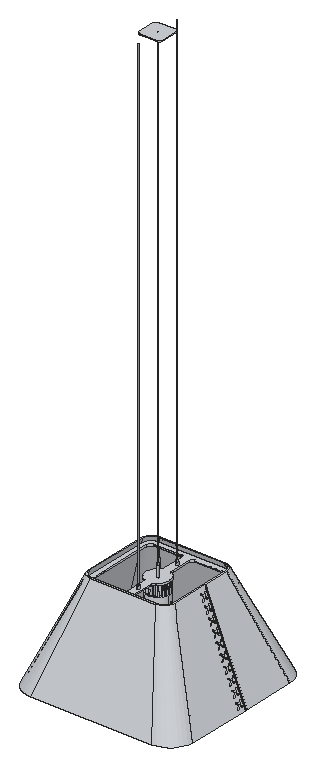
Revit family "BuzziSpace - BuzziShade - Square2", category Lighting Fixtures, host Ceiling, Revit 2019 (continued)
Definition of nested family "BuzziShade Square"
  Forms (in)
    Extrusion 1, solid, material <- "Lace", visible <- "Beam"
      sketch origin (-14.79872, 0, 0) x (0, -1, 0) y (0.379687, 0, 0.925115)
        loop
          line (0.43278, 14.41339) -> (-0.01265, 13.96797) -> (-0.45807, 14.41339)
          arc (-0.45807, 14.41339) -> (-0.54158, 14.41339) -> (-0.54158, 14.32987) r 0.05906
          line (-0.54158, 14.32987) -> (-0.09616, 13.88445) -> (-0.54158, 13.43903)
        loop
          arc (-0.54158, 15.25005) -> (-0.54158, 15.16654) -> (-0.45807, 15.16654) r 0.05906
          line (-0.45807, 15.16654) -> (-0.01265, 15.61196) -> (0.43278, 15.16654)
          arc (0.43278, 15.16654) -> (0.51629, 15.16654) -> (0.51629, 15.25005) r 0.05906
          line (0.51629, 15.25005) -> (0.07087, 15.69548) -> (0.51629, 16.1409)
          arc (0.51629, 16.1409) -> (0.51629, 16.22441) -> (0.43278, 16.22441) r 0.05906
          line (0.43278, 16.22441) -> (-0.01265, 15.77899) -> (-0.45807, 16.22441)
          arc (-0.45807, 16.22441) -> (-0.54158, 16.22441) -> (-0.54158, 16.1409) r 0.05906
          line (-0.54158, 16.1409) -> (-0.09616, 15.69548) -> (-0.54158, 15.25005)
        loop
          arc (-0.54158, 17.06108) -> (-0.54158, 16.97756) -> (-0.45807, 16.97756) r 0.05906
          line (-0.45807, 16.97756) -> (-0.01265, 17.42298) -> (0.43278, 16.97756)
          arc (0.43278, 16.97756) -> (0.51629, 16.97756) -> (0.51629, 17.06108) r 0.05906
          line (0.51629, 17.06108) -> (0.07087, 17.5065) -> (0.51629, 17.95192)
          arc (0.51629, 17.95192) -> (0.51629, 18.03544) -> (0.43278, 18.03544) r 0.05906
          line (0.43278, 18.03544) -> (-0.01265, 17.59002) -> (-0.45807, 18.03544)
          arc (-0.45807, 18.03544) -> (-0.54158, 18.03544) -> (-0.54158, 17.95192) r 0.05906
          line (-0.54158, 17.95192) -> (-0.09616, 17.5065) -> (-0.54158, 17.06108)
      from 0 to 0.125
    Blend 2, solid, material <- "Felt"
      base sketch origin (0, 0, 0) x (-1, 0, 0) y (0, -1, 0)
        loop
          line (14.79872, -10.73976) -> (14.79872, 10.73976)
          arc (14.79872, 10.73976) -> (13.62715, 13.56819) -> (10.79872, 14.73976) r 4
          line (10.79872, 14.73976) -> (0.0625, 14.73976) -> (0.0625, 14.48976) -> (10.79872, 14.48976)
          arc (10.79872, 14.48976) -> (13.45037, 13.39141) -> (14.54872, 10.73976) r 3.75
          line (14.54872, 10.73976) -> (14.54872, -10.73976)
          arc (14.54872, -10.73976) -> (13.45037, -13.39141) -> (10.79872, -14.48976) r 3.75
          line (10.79872, -14.48976) -> (0.0625, -14.48976) -> (0.0625, -14.73976) -> (10.79872, -14.73976)
          arc (10.79872, -14.73976) -> (13.62715, -13.56819) -> (14.79872, -10.73976) r 4
      top sketch origin (0, 0, 0) x (-1, 0, 0) y (0, -1, 0)
        loop
          line (7.65305, -5.74325) -> (7.65305, 5.74325)
          arc (7.65305, 5.74325) -> (7.10622, 7.06343) -> (5.78604, 7.61026) r 1.86701
          line (5.78604, 7.61026) -> (0.0625, 7.61026) -> (0.0625, 7.36026) -> (5.78604, 7.36026)
          arc (5.78604, 7.36026) -> (6.92944, 6.88665) -> (7.40305, 5.74325) r 1.61701
          line (7.40305, 5.74325) -> (7.40305, -5.74325)
          arc (7.40305, -5.74325) -> (6.92944, -6.88665) -> (5.78604, -7.36026) r 1.61701
          line (5.78604, -7.36026) -> (0.0625, -7.36026) -> (0.0625, -7.61026) -> (5.78604, -7.61026)
          arc (5.78604, -7.61026) -> (7.10622, -7.06343) -> (7.65305, -5.74325) r 1.86701
      from 0 to 17.41056
    Extrusion 3, solid, material <- "Frame"
      sketch origin (34.18353, -180, 16.53556) x (1, 0, 0) y (0, 1, 0)
        loop
          line (-34.83658, 182.43789) -> (-34.83658, 186.15357)
          arc (-34.83658, 186.15357) -> (-35.00695, 186.56489) -> (-35.41827, 186.73526) r 0.58169
          line (-35.41827, 186.73526) -> (-40.04918, 186.73526)
          arc (-40.04918, 186.73526) -> (-40.69434, 186.46803) -> (-40.96158, 185.82286) r 0.9124
          line (-40.96158, 185.82286) -> (-40.96158, 174.17714)
          arc (-40.96158, 174.17714) -> (-40.69434, 173.53197) -> (-40.04918, 173.26474) r 0.9124
          line (-40.04918, 173.26474) -> (-35.52069, 173.26474)
          arc (-35.52069, 173.26474) -> (-35.03695, 173.46511) -> (-34.83658, 173.94884) r 0.68411
          line (-34.83658, 173.94884) -> (-34.83658, 177.56211)
          arc (-34.83658, 177.56211) -> (-34.94207, 177.95581) -> (-35.23028, 178.24402) r 0.7874
          arc (-35.23028, 178.24402) -> (-36.2441, 180) -> (-35.23028, 181.75598) r 2.02763
          arc (-35.23028, 181.75598) -> (-34.94207, 182.04419) -> (-34.83658, 182.43789) r 0.7874
        loop
          line (-41.83658, 185.82286) -> (-41.83658, 174.17714)
          arc (-41.83658, 174.17714) -> (-41.31306, 172.91326) -> (-40.04918, 172.38974) r 1.7874
          line (-40.04918, 172.38974) -> (-34.24603, 172.38974) -> (-34.24603, 187.61026) -> (-40.04918, 187.61026)
          arc (-40.04918, 187.61026) -> (-41.31306, 187.08674) -> (-41.83658, 185.82286) r 1.7874
      from 0 to -0.25
    Extrusion 4, solid, material <- "Frame"
      sketch origin (0, 0, 0) x (-1, 0, 0) y (0, -1, 0)
        loop
          line (0.0625, 13.48976) -> (10.79872, 13.48976)
          arc (10.79872, 13.48976) -> (12.74326, 12.68431) -> (13.54872, 10.73976) r 2.75
          line (13.54872, 10.73976) -> (13.54872, -10.73976)
          arc (13.54872, -10.73976) -> (12.74326, -12.68431) -> (10.79872, -13.48976) r 2.75
          line (10.79872, -13.48976) -> (0.0625, -13.48976) -> (0.0625, -14.36476) -> (10.79872, -14.36476)
          arc (10.79872, -14.36476) -> (13.36198, -13.30302) -> (14.42372, -10.73976) r 3.625
          line (14.42372, -10.73976) -> (14.42372, 10.73976)
          arc (14.42372, 10.73976) -> (13.36198, 13.30302) -> (10.79872, 14.36476) r 3.625
          line (10.79872, 14.36476) -> (0.0625, 14.36476) -> (0.0625, 13.48976)
      from 0 to 0.25
    Extrusion 5, solid, material <- "Felt"
      sketch origin (0, 0, 0) x (0, 1, 0) y (0, 0, 1)
        loop
          line (7.36026, 17.41056) -> (14.48976, 0) -> (14.73976, 0) -> (7.61026, 17.41056) -> (7.36026, 17.41056)
        loop
          line (-7.36026, 17.41056) -> (-7.61026, 17.41056) -> (-14.73976, 0) -> (-14.48976, 0) -> (-7.36026, 17.41056)
      from -0.0625 to 0.0625
    Extrusion 6, solid, material <- "Frame"
      sketch origin (0, 0, 0) x (0, 1, 0) y (0, 0, 1)
        loop
          line (7.61026, 16.53556) -> (-7.61026, 16.53556) -> (-7.61026, 16.28556) -> (7.61026, 16.28556) -> (7.61026, 16.53556)
        loop
          line (14.36476, 0.25) -> (13.48976, 0.25) -> (13.48976, 0) -> (14.36476, 0) -> (14.36476, 0.25)
        loop
          line (-13.48976, 0.25) -> (-14.36476, 0.25) -> (-14.36476, 0) -> (-13.48976, 0) -> (-13.48976, 0.25)
      from -0.0625 to 0.0625
    Extrusion 7, void
      sketch origin (0, 0, 0) x (1, 0, 0) y (0, 1, 0)
        loop
          arc (-13.57776, 6.73526) -> (-13.98907, 6.56489) -> (-14.15945, 6.15357) r 0.58169
          line (-14.15945, 6.15357) -> (-14.15945, 2.43789)
          arc (-14.15945, 2.43789) -> (-14.05396, 2.04419) -> (-13.76575, 1.75598) r 0.7874
          arc (-13.76575, 1.75598) -> (-12.75193, 0) -> (-13.76575, -1.75598) r 2.02763
          arc (-13.76575, -1.75598) -> (-14.05396, -2.04419) -> (-14.15945, -2.43789) r 0.7874
          line (-14.15945, -2.43789) -> (-14.15945, -6.05116)
          arc (-14.15945, -6.05116) -> (-13.95908, -6.53489) -> (-13.47534, -6.73526) r 0.68411
          line (-13.47534, -6.73526) -> (-1.27466, -6.73526)
          arc (-1.27466, -6.73526) -> (-0.79092, -6.53489) -> (-0.59055, -6.05116) r 0.68411
          line (-0.59055, -6.05116) -> (-0.59055, -2.43789)
          arc (-0.59055, -2.43789) -> (-0.69604, -2.04419) -> (-0.98425, -1.75598) r 0.7874
          arc (-0.98425, -1.75598) -> (-1.99807, 0) -> (-0.98425, 1.75598) r 2.02763
          arc (-0.98425, 1.75598) -> (-0.69604, 2.04419) -> (-0.59055, 2.43789) r 0.7874
          line (-0.59055, 2.43789) -> (-0.59055, 6.15357)
          arc (-0.59055, 6.15357) -> (-0.76093, 6.56489) -> (-1.17224, 6.73526) r 0.58169
          line (-1.17224, 6.73526) -> (-13.57776, 6.73526)
        loop
          arc (13.47534, -6.73526) -> (13.95908, -6.53489) -> (14.15945, -6.05116) r 0.68411
          line (14.15945, -6.05116) -> (14.15945, -2.43789)
          arc (14.15945, -2.43789) -> (14.05396, -2.04419) -> (13.76575, -1.75598) r 0.7874
          arc (13.76575, -1.75598) -> (12.75193, 0) -> (13.76575, 1.75598) r 2.02763
          arc (13.76575, 1.75598) -> (14.05396, 2.04419) -> (14.15945, 2.43789) r 0.7874
          line (14.15945, 2.43789) -> (14.15945, 6.15357)
          arc (14.15945, 6.15357) -> (13.98907, 6.56489) -> (13.57776, 6.73526) r 0.58169
          line (13.57776, 6.73526) -> (1.17224, 6.73526)
          arc (1.17224, 6.73526) -> (0.76093, 6.56489) -> (0.59055, 6.15357) r 0.58169
          line (0.59055, 6.15357) -> (0.59055, 2.43789)
          arc (0.59055, 2.43789) -> (0.69604, 2.04419) -> (0.98425, 1.75598) r 0.7874
          arc (0.98425, 1.75598) -> (1.99807, 0) -> (0.98425, -1.75598) r 2.02763
          arc (0.98425, -1.75598) -> (0.69604, -2.04419) -> (0.59055, -2.43789) r 0.7874
          line (0.59055, -2.43789) -> (0.59055, -6.05116)
          arc (0.59055, -6.05116) -> (0.79092, -6.53489) -> (1.27466, -6.73526) r 0.68411
          line (1.27466, -6.73526) -> (13.47534, -6.73526)
      from 18.03556 to 16.03556
    Extrusion 8, void
      sketch origin (-32.02609, -180, 12.22763) x (-0.925115, 0, 0.379687) y (0, -1, 0)
        loop
          line (-6.92779, -180.86327) -> (-6.99234, -180.86327) -> (-6.99234, -180.92696)
          arc (-6.99234, -180.92696) -> (-6.99436, -180.9703) -> (-7.00039, -181.01326) r 0.46698
          arc (-7.00039, -181.01326) -> (-7.01861, -181.03979) -> (-7.0505, -181.04418) r 0.03983
          line (-7.0505, -181.04418) -> (-7.08745, -181.03359) -> (-7.03035, -181.09272)
          arc (-7.03035, -181.09272) -> (-7.0022, -181.13606) -> (-6.99234, -181.18679) r 0.13542
          line (-6.99234, -181.18679) -> (-6.99234, -181.27062) -> (-6.92779, -181.27062) -> (-6.92779, -180.86327)
      from -11.42768 to 9.37766
    Extrusion 9, solid, material <- "Lace"
      sketch origin (14.79872, 0, 0) x (0, 1, 0) y (-0.379687, 0, 0.925115)
        loop
          line (0.54158, 0.76187) -> (0.09616, 1.20729) -> (0.54158, 1.65271)
          arc (0.54158, 1.65271) -> (0.54158, 1.73623) -> (0.45807, 1.73623) r 0.05906
          line (0.45807, 1.73623) -> (0.01265, 1.2908) -> (-0.43278, 1.73623)
          arc (-0.43278, 1.73623) -> (-0.51629, 1.73623) -> (-0.51629, 1.65271) r 0.05906
          line (-0.51629, 1.65271) -> (-0.07087, 1.20729) -> (-0.51629, 0.76187)
          arc (-0.51629, 0.76187) -> (-0.51629, 0.67835) -> (-0.43278, 0.67835) r 0.05906
          line (-0.43278, 0.67835) -> (0.01265, 1.12377) -> (0.45807, 0.67835)
          arc (0.45807, 0.67835) -> (0.54158, 0.67835) -> (0.54158, 0.76187) r 0.05906
        loop
          line (0.54158, 2.57289) -> (0.09616, 3.01831) -> (0.54158, 3.46373)
          arc (0.54158, 3.46373) -> (0.54158, 3.54725) -> (0.45807, 3.54725) r 0.05906
          line (0.45807, 3.54725) -> (0.01265, 3.10183) -> (-0.43278, 3.54725)
          arc (-0.43278, 3.54725) -> (-0.51629, 3.54725) -> (-0.51629, 3.46373) r 0.05906
          line (-0.51629, 3.46373) -> (-0.07087, 3.01831) -> (-0.51629, 2.57289)
          arc (-0.51629, 2.57289) -> (-0.51629, 2.48937) -> (-0.43278, 2.48937) r 0.05906
          line (-0.43278, 2.48937) -> (0.01265, 2.93479) -> (0.45807, 2.48937)
          arc (0.45807, 2.48937) -> (0.54158, 2.48937) -> (0.54158, 2.57289) r 0.05906
        loop
          line (0.54158, 4.38391) -> (0.09616, 4.82933) -> (0.54158, 5.27476)
          arc (0.54158, 5.27476) -> (0.54158, 5.35827) -> (0.45807, 5.35827) r 0.05906
          line (0.45807, 5.35827) -> (0.01265, 4.91285) -> (-0.43278, 5.35827)
          arc (-0.43278, 5.35827) -> (-0.51629, 5.35827) -> (-0.51629, 5.27476) r 0.05906
          line (-0.51629, 5.27476) -> (-0.07087, 4.82933) -> (-0.51629, 4.38391)
          arc (-0.51629, 4.38391) -> (-0.51629, 4.3004) -> (-0.43278, 4.3004) r 0.05906
          line (-0.43278, 4.3004) -> (0.01265, 4.74582) -> (0.45807, 4.3004)
          arc (0.45807, 4.3004) -> (0.54158, 4.3004) -> (0.54158, 4.38391) r 0.05906
        loop
          line (0.54158, 6.19494) -> (0.09616, 6.64036) -> (0.54158, 7.08578)
          arc (0.54158, 7.08578) -> (0.54158, 7.1693) -> (0.45807, 7.1693) r 0.05906
          line (0.45807, 7.1693) -> (0.01265, 6.72387) -> (-0.43278, 7.1693)
          arc (-0.43278, 7.1693) -> (-0.51629, 7.1693) -> (-0.51629, 7.08578) r 0.05906
          line (-0.51629, 7.08578) -> (-0.07087, 6.64036) -> (-0.51629, 6.19494)
          arc (-0.51629, 6.19494) -> (-0.51629, 6.11142) -> (-0.43278, 6.11142) r 0.05906
          line (-0.43278, 6.11142) -> (0.01265, 6.55684) -> (0.45807, 6.11142)
          arc (0.45807, 6.11142) -> (0.54158, 6.11142) -> (0.54158, 6.19494) r 0.05906
        loop
          line (0.54158, 8.00596) -> (0.09616, 8.45138) -> (0.54158, 8.8968)
          arc (0.54158, 8.8968) -> (0.54158, 8.98032) -> (0.45807, 8.98032) r 0.05906
          line (0.45807, 8.98032) -> (0.01265, 8.5349) -> (-0.43278, 8.98032)
          arc (-0.43278, 8.98032) -> (-0.51629, 8.98032) -> (-0.51629, 8.8968) r 0.05906
          line (-0.51629, 8.8968) -> (-0.07087, 8.45138) -> (-0.51629, 8.00596)
          arc (-0.51629, 8.00596) -> (-0.51629, 7.92244) -> (-0.43278, 7.92244) r 0.05906
          line (-0.43278, 7.92244) -> (0.01265, 8.36787) -> (0.45807, 7.92244)
          arc (0.45807, 7.92244) -> (0.54158, 7.92244) -> (0.54158, 8.00596) r 0.05906
        loop
          line (0.54158, 9.81698) -> (0.09616, 10.26241) -> (0.54158, 10.70783)
          arc (0.54158, 10.70783) -> (0.54158, 10.79134) -> (0.45807, 10.79134) r 0.05906
          line (0.45807, 10.79134) -> (0.01265, 10.34592) -> (-0.43278, 10.79134)
          arc (-0.43278, 10.79134) -> (-0.51629, 10.79134) -> (-0.51629, 10.70783) r 0.05906
          line (-0.51629, 10.70783) -> (-0.07087, 10.26241) -> (-0.51629, 9.81698)
          arc (-0.51629, 9.81698) -> (-0.51629, 9.73347) -> (-0.43278, 9.73347) r 0.05906
          line (-0.43278, 9.73347) -> (0.01265, 10.17889) -> (0.45807, 9.73347)
          arc (0.45807, 9.73347) -> (0.54158, 9.73347) -> (0.54158, 9.81698) r 0.05906
        loop
          line (0.54158, 11.62801) -> (0.09616, 12.07343) -> (0.54158, 12.51885)
          arc (0.54158, 12.51885) -> (0.54158, 12.60237) -> (0.45807, 12.60237) r 0.05906
          line (0.45807, 12.60237) -> (0.01265, 12.15695) -> (-0.43278, 12.60237)
          arc (-0.43278, 12.60237) -> (-0.51629, 12.60237) -> (-0.51629, 12.51885) r 0.05906
          line (-0.51629, 12.51885) -> (-0.07087, 12.07343) -> (-0.51629, 11.62801)
          arc (-0.51629, 11.62801) -> (-0.51629, 11.54449) -> (-0.43278, 11.54449) r 0.05906
          line (-0.43278, 11.54449) -> (0.01265, 11.98991) -> (0.45807, 11.54449)
          arc (0.45807, 11.54449) -> (0.54158, 11.54449) -> (0.54158, 11.62801) r 0.05906
        loop
          line (0.54158, 13.43903) -> (0.09616, 13.88445) -> (0.54158, 14.32987)
          arc (0.54158, 14.32987) -> (0.54158, 14.41339) -> (0.45807, 14.41339) r 0.05906
          line (0.45807, 14.41339) -> (0.01265, 13.96797) -> (-0.43278, 14.41339)
          arc (-0.43278, 14.41339) -> (-0.51629, 14.41339) -> (-0.51629, 14.32987) r 0.05906
          line (-0.51629, 14.32987) -> (-0.07087, 13.88445) -> (-0.51629, 13.43903)
          arc (-0.51629, 13.43903) -> (-0.51629, 13.35551) -> (-0.43278, 13.35551) r 0.05906
          line (-0.43278, 13.35551) -> (0.01265, 13.80094) -> (0.45807, 13.35551)
          arc (0.45807, 13.35551) -> (0.54158, 13.35551) -> (0.54158, 13.43903) r 0.05906
        loop
          line (0.54158, 15.25005) -> (0.09616, 15.69548) -> (0.54158, 16.1409)
          arc (0.54158, 16.1409) -> (0.54158, 16.22441) -> (0.45807, 16.22441) r 0.05906
          line (0.45807, 16.22441) -> (0.01265, 15.77899) -> (-0.43278, 16.22441)
          arc (-0.43278, 16.22441) -> (-0.51629, 16.22441) -> (-0.51629, 16.1409) r 0.05906
          line (-0.51629, 16.1409) -> (-0.07087, 15.69548) -> (-0.51629, 15.25005)
          arc (-0.51629, 15.25005) -> (-0.51629, 15.16654) -> (-0.43278, 15.16654) r 0.05906
          line (-0.43278, 15.16654) -> (0.01265, 15.61196) -> (0.45807, 15.16654)
          arc (0.45807, 15.16654) -> (0.54158, 15.16654) -> (0.54158, 15.25005) r 0.05906
        loop
          line (0.54158, 17.06108) -> (0.09616, 17.5065) -> (0.54158, 17.95192)
          arc (0.54158, 17.95192) -> (0.54158, 18.03544) -> (0.45807, 18.03544) r 0.05906
          line (0.45807, 18.03544) -> (0.01265, 17.59002) -> (-0.43278, 18.03544)
          arc (-0.43278, 18.03544) -> (-0.51629, 18.03544) -> (-0.51629, 17.95192) r 0.05906
          line (-0.51629, 17.95192) -> (-0.07087, 17.5065) -> (-0.51629, 17.06108)
          arc (-0.51629, 17.06108) -> (-0.51629, 16.97756) -> (-0.43278, 16.97756) r 0.05906
          line (-0.43278, 16.97756) -> (0.01265, 17.42298) -> (0.45807, 16.97756)
          arc (0.45807, 16.97756) -> (0.54158, 16.97756) -> (0.54158, 17.06108) r 0.05906
      from 0 to 0.125
    Blend 10, solid, material <- "Felt"
      base sketch origin (0, 0, 0) x (1, 0, 0) y (0, 1, 0)
        loop
          arc (14.79872, 10.73976) -> (13.62715, 13.56819) -> (10.79872, 14.73976) r 4
          line (10.79872, 14.73976) -> (0.0625, 14.73976) -> (0.0625, 14.48976) -> (10.79872, 14.48976)
          arc (10.79872, 14.48976) -> (13.45037, 13.39141) -> (14.54872, 10.73976) r 3.75
          line (14.54872, 10.73976) -> (14.54872, -10.73976)
          arc (14.54872, -10.73976) -> (13.45037, -13.39141) -> (10.79872, -14.48976) r 3.75
          line (10.79872, -14.48976) -> (0.0625, -14.48976) -> (0.0625, -14.73976) -> (10.79872, -14.73976)
          arc (10.79872, -14.73976) -> (13.62715, -13.56819) -> (14.79872, -10.73976) r 4
          line (14.79872, -10.73976) -> (14.79872, 10.73976)
      top sketch origin (0, 0, 0) x (1, 0, 0) y (0, 1, 0)
        loop
          arc (7.65305, 5.74325) -> (7.10622, 7.06343) -> (5.78604, 7.61026) r 1.86701
          line (5.78604, 7.61026) -> (0.0625, 7.61026) -> (0.0625, 7.36026) -> (5.78604, 7.36026)
          arc (5.78604, 7.36026) -> (6.92944, 6.88665) -> (7.40305, 5.74325) r 1.61701
          line (7.40305, 5.74325) -> (7.40305, -5.74325)
          arc (7.40305, -5.74325) -> (6.92944, -6.88665) -> (5.78604, -7.36026) r 1.61701
          line (5.78604, -7.36026) -> (0.0625, -7.36026) -> (0.0625, -7.61026) -> (5.78604, -7.61026)
          arc (5.78604, -7.61026) -> (7.10622, -7.06343) -> (7.65305, -5.74325) r 1.86701
          line (7.65305, -5.74325) -> (7.65305, 5.74325)
      from 0 to 17.41056
    Extrusion 11, solid, material <- "Frame"
      sketch origin (-34.18353, -180, 16.53556) x (-1, 0, 0) y (0, -1, 0)
        loop
          arc (-34.83658, -182.43789) -> (-34.94207, -182.04419) -> (-35.23028, -181.75598) r 0.7874
          arc (-35.23028, -181.75598) -> (-36.2441, -180) -> (-35.23028, -178.24402) r 2.02763
          arc (-35.23028, -178.24402) -> (-34.94207, -177.95581) -> (-34.83658, -177.56211) r 0.7874
          line (-34.83658, -177.56211) -> (-34.83658, -173.94884)
          arc (-34.83658, -173.94884) -> (-35.03695, -173.46511) -> (-35.52069, -173.26474) r 0.68411
          line (-35.52069, -173.26474) -> (-40.04918, -173.26474)
          arc (-40.04918, -173.26474) -> (-40.69434, -173.53197) -> (-40.96158, -174.17714) r 0.9124
          line (-40.96158, -174.17714) -> (-40.96158, -185.82286)
          arc (-40.96158, -185.82286) -> (-40.69434, -186.46803) -> (-40.04918, -186.73526) r 0.9124
          line (-40.04918, -186.73526) -> (-35.41827, -186.73526)
          arc (-35.41827, -186.73526) -> (-35.00695, -186.56489) -> (-34.83658, -186.15357) r 0.58169
          line (-34.83658, -186.15357) -> (-34.83658, -182.43789)
        loop
          arc (-41.83658, -185.82286) -> (-41.31306, -187.08674) -> (-40.04918, -187.61026) r 1.7874
          line (-40.04918, -187.61026) -> (-34.24603, -187.61026) -> (-34.24603, -172.38974) -> (-40.04918, -172.38974)
          arc (-40.04918, -172.38974) -> (-41.31306, -172.91326) -> (-41.83658, -174.17714) r 1.7874
          line (-41.83658, -174.17714) -> (-41.83658, -185.82286)
      from 0 to -0.25
    Extrusion 12, solid, material <- "Frame"
      sketch origin (0, 0, 0) x (1, 0, 0) y (0, 1, 0)
        loop
          line (0.0625, -13.48976) -> (0.0625, -14.36476) -> (10.79872, -14.36476)
          arc (10.79872, -14.36476) -> (13.36198, -13.30302) -> (14.42372, -10.73976) r 3.625
          line (14.42372, -10.73976) -> (14.42372, 10.73976)
          arc (14.42372, 10.73976) -> (13.36198, 13.30302) -> (10.79872, 14.36476) r 3.625
          line (10.79872, 14.36476) -> (0.0625, 14.36476) -> (0.0625, 13.48976) -> (10.79872, 13.48976)
          arc (10.79872, 13.48976) -> (12.74326, 12.68431) -> (13.54872, 10.73976) r 2.75
          line (13.54872, 10.73976) -> (13.54872, -10.73976)
          arc (13.54872, -10.73976) -> (12.74326, -12.68431) -> (10.79872, -13.48976) r 2.75
          line (10.79872, -13.48976) -> (0.0625, -13.48976)
      from 0 to 0.25
    Extrusion 13, void
      sketch origin (32.02609, -180, 12.22763) x (0.925115, 0, 0.379687) y (0, 1, 0)
        loop
          line (-6.92779, 180.86327) -> (-6.92779, 181.27062) -> (-6.99234, 181.27062) -> (-6.99234, 181.18679)
          arc (-6.99234, 181.18679) -> (-7.0022, 181.13606) -> (-7.03035, 181.09272) r 0.13542
          line (-7.03035, 181.09272) -> (-7.08745, 181.03359) -> (-7.0505, 181.04418)
          arc (-7.0505, 181.04418) -> (-7.01861, 181.03979) -> (-7.00039, 181.01326) r 0.03983
          arc (-7.00039, 181.01326) -> (-6.99436, 180.9703) -> (-6.99234, 180.92696) r 0.46698
          line (-6.99234, 180.92696) -> (-6.99234, 180.86327) -> (-6.92779, 180.86327)
      from -11.42768 to 9.37766
    Extrusion 14, void
      sketch origin (17.37263, -180, 12.22763) x (0.925115, 0, 0.379687) y (0, 1, 0)
        loop
          line (-6.95929, 180.86327) -> (-6.95929, 181.27062) -> (-7.02384, 181.27062) -> (-7.02384, 181.18679)
          arc (-7.02384, 181.18679) -> (-7.0337, 181.13606) -> (-7.06184, 181.09272) r 0.13542
          line (-7.06184, 181.09272) -> (-7.11894, 181.03359) -> (-7.082, 181.04418)
          arc (-7.082, 181.04418) -> (-7.05011, 181.03979) -> (-7.03188, 181.01326) r 0.03983
          arc (-7.03188, 181.01326) -> (-7.02585, 180.9703) -> (-7.02384, 180.92696) r 0.46698
          line (-7.02384, 180.92696) -> (-7.02384, 180.86327) -> (-6.95929, 180.86327)
      from -11.42768 to 9.37766
  Cuts and joins
    Extrusion 7 cuts Extrusion 6
    joined: Extrusion 3, Extrusion 4, Extrusion 6, Extrusion 11, Extrusion 12
    Extrusion 8, Extrusion 13 cuts Blend 2
    Extrusion 13 cuts Extrusion 5
    Extrusion 13, Extrusion 14 cuts Blend 10
    joined: Blend 2, Extrusion 5, Blend 10
  Dimensions and locks (in)
    equal spacing: plane 4, plane 1 "Center Front/Back", plane 5
    plane 4 to plane 5 = 2' - 5.47952"
    locked: plane 7 to plane 6 at 14.73622
    plane 9 to plane 7 to plane 8 = 0' - 0.59055" locked, 0' - 0.59055" locked
    locked: plane 8 to plane 10 at 6.10236
    locked: plane 10 to plane 14 at 0.89764
    locked: plane 18 to plane 17 at 14.73622
    plane 20 to plane 18 to plane 19 = 0' - 0.59055" locked, 0' - 0.59055" locked
    locked: plane 19 to plane 21 at 6.10236
    locked: plane 21 to plane 22 at 0.89764
    Extrusion 4 sketch curve to Extrusion 4 sketch curve to Extrusion 4 sketch curve = 1' - 1.48622" locked, 0' - 0 7/8" locked
    "Void Depth": plane 23 to plane 24
    locked: Extrusion 7 sketch curve to plane 26 at 0.58169
    locked: Extrusion 7 sketch curve to plane 26 at 0.68411
    locked: plane 26 to Extrusion 7 sketch curve at 0.62012
    locked: Extrusion 7 sketch curve to plane 26 at 0.7874  (x2)
    locked: Extrusion 7 sketch curve to plane 27 at 0.58169
    locked: Extrusion 7 sketch curve to plane 27 at 0.68411
    locked: plane 27 to Extrusion 7 sketch curve at 0.62012
    locked: Extrusion 7 sketch curve to plane 27 at 0.7874  (x2)
    "Suspension Length": plane 29 to plane 23
    "Interior Width": plane 18 to plane 7
    equal spacing: plane 17, plane 3 "Center Left/Right", plane 6
    Extrusion 12 sketch curve to Extrusion 12 sketch curve to Extrusion 12 sketch curve = 1' - 1.48622" locked, 0' - 0 7/8" locked
    aligned and locked: level to plane 2
    aligned and locked: Extrusion 4 sketch curve to plane 18
    aligned and locked: plane 18 to Extrusion 4 sketch curve
    aligned and locked: plane 7 to Extrusion 5
    aligned and locked: plane 18 to Extrusion 5
    aligned and locked: plane 7 to Extrusion 6
    aligned and locked: plane 18 to Extrusion 6
    aligned and locked: Extrusion 7 sketch curve to plane 26  (x2)
    aligned and locked: plane 27 to Extrusion 7 sketch curve  (x2)
  Automatic sketch dimensions
    Blend 2 to Extrusion 1 sketch curve = 0' - 0.76187"  (x2)
    Extrusion 1 sketch curve to Blend 2 = 0' - 9.66122"
    Blend 2 to Extrusion 1 sketch curve = 0' - 1.65271"  (x2)
    Extrusion 1 sketch curve to Extrusion 1 sketch curve = 0' - 0"  (x19)
    Blend 2 to Extrusion 1 sketch curve = 0' - 0.86797"  (x2)
    Blend 2 to Extrusion 1 sketch curve = 0' - 1.75881"  (x2)
    Blend 2 to Extrusion 1 sketch curve = 0' - 2.67899"  (x2)
    Blend 2 to Extrusion 1 sketch curve = 0' - 3.56984"  (x2)
    Blend 2 to Extrusion 1 sketch curve = 0' - 4.49002"  (x2)
    Blend 2 to Extrusion 1 sketch curve = 0' - 5.38086"  (x2)
    Blend 2 to Extrusion 1 sketch curve = 0' - 6.30104"  (x2)
    Blend 2 to Extrusion 1 sketch curve = 0' - 7.19189"  (x2)
    Blend 2 to Extrusion 1 sketch curve = 0' - 8.11207"  (x2)
    Blend 2 to Extrusion 1 sketch curve = 0' - 9.00291"  (x2)
    Blend 2 to Extrusion 1 sketch curve = 0' - 8.8968"  (x2)
    Blend 2 to Extrusion 1 sketch curve = 0' - 8.00596"  (x2)
    Blend 2 to Extrusion 1 sketch curve = 0' - 2.57289"  (x2)
    Blend 2 to Extrusion 1 sketch curve = 0' - 3.46373"  (x2)
    Blend 2 to Extrusion 1 sketch curve = 0' - 7.08578"  (x2)
    Blend 2 to Extrusion 1 sketch curve = 0' - 6.19494"  (x2)
    Blend 2 to Extrusion 1 sketch curve = 0' - 5.27476"  (x2)
    Blend 2 to Extrusion 1 sketch curve = 0' - 4.38391"  (x2)
    Extrusion 1 sketch curve to Extrusion 1 sketch curve = 0' - 0.04176"  (x70)
    Blend 2 to Extrusion 1 sketch curve = 0' - 5.35827"  (x2)
    Blend 2 to Extrusion 1 sketch curve = 0' - 9.08643"  (x2)
    Blend 2 to Extrusion 1 sketch curve = 0' - 2.48937"  (x2)
    Blend 2 to Extrusion 1 sketch curve = 0' - 3.65335"  (x2)
    Blend 2 to Extrusion 1 sketch curve = 0' - 8.02855"  (x2)
    Blend 2 to Extrusion 1 sketch curve = 0' - 4.3004"  (x2)
    Blend 2 to Extrusion 1 sketch curve = 0' - 6.21753"  (x2)
    Blend 2 to Extrusion 1 sketch curve = 0' - 1.84233"  (x2)
    Blend 2 to Extrusion 1 sketch curve = 0' - 4.4065"  (x2)
    Blend 2 to Extrusion 1 sketch curve = 0' - 7.92244"  (x2)
    Blend 2 to Extrusion 1 sketch curve = 0' - 7.2754"  (x2)
    Blend 2 to Extrusion 1 sketch curve = 0' - 8.98032"  (x2)
    Blend 2 to Extrusion 1 sketch curve = 0' - 1.73623"  (x2)
    Blend 2 to Extrusion 1 sketch curve = 0' - 3.54725"  (x2)
    Blend 2 to Extrusion 1 sketch curve = 0' - 7.1693"  (x2)
    Blend 2 to Extrusion 1 sketch curve = 0' - 0.78445"  (x2)
    Blend 2 to Extrusion 1 sketch curve = 0' - 0.67835"  (x2)
    Blend 2 to Extrusion 1 sketch curve = 0' - 2.59548"  (x2)
    Blend 2 to Extrusion 1 sketch curve = 0' - 5.46438"  (x2)
    Blend 2 to Extrusion 1 sketch curve = 0' - 6.11142"  (x2)
    Blend 2 to Extrusion 1 sketch curve = 0' - 3.10183"
    Extrusion 1 sketch curve to Extrusion 1 sketch curve = 0' - 0.08352"  (x40)
    Blend 2 to Extrusion 1 sketch curve = 0' - 6.82998"
    Blend 2 to Extrusion 1 sketch curve = 0' - 8.5349"
    Blend 2 to Extrusion 1 sketch curve = 0' - 6.66295"
    Blend 2 to Extrusion 1 sketch curve = 0' - 8.36787"
    Blend 2 to Extrusion 1 sketch curve = 0' - 6.72387"
    Blend 2 to Extrusion 1 sketch curve = 0' - 1.2908"
    Blend 2 to Extrusion 1 sketch curve = 0' - 1.39691"
    Blend 2 to Extrusion 1 sketch curve = 0' - 1.22988"
    Blend 2 to Extrusion 1 sketch curve = 0' - 4.85192"
    Blend 2 to Extrusion 1 sketch curve = 0' - 1.12377"
    Blend 2 to Extrusion 1 sketch curve = 0' - 3.0409"
    Blend 2 to Extrusion 1 sketch curve = 0' - 4.74582"
    Blend 2 to Extrusion 1 sketch curve = 0' - 8.47397"
    Blend 2 to Extrusion 1 sketch curve = 0' - 6.55684"
    Blend 2 to Extrusion 1 sketch curve = 0' - 3.20793"
    Blend 2 to Extrusion 1 sketch curve = 0' - 5.01896"
    Blend 2 to Extrusion 1 sketch curve = 0' - 2.93479"
    Blend 2 to Extrusion 1 sketch curve = 0' - 8.641"
    Blend 2 to Extrusion 1 sketch curve = 0' - 4.91285"
    Blend 2 to Extrusion 1 sketch curve = 0' - 1.31339"
    Blend 2 to Extrusion 1 sketch curve = 0' - 3.01831"
    Blend 2 to Extrusion 1 sketch curve = 0' - 8.55749"
    Blend 2 to Extrusion 1 sketch curve = 0' - 1.20729"
    Blend 2 to Extrusion 1 sketch curve = 0' - 4.82933"
    Blend 2 to Extrusion 1 sketch curve = 0' - 4.93544"
    Blend 2 to Extrusion 1 sketch curve = 0' - 6.64036"
    Blend 2 to Extrusion 1 sketch curve = 0' - 8.45138"
    Blend 2 to Extrusion 1 sketch curve = 0' - 3.12442"
    Blend 2 to Extrusion 1 sketch curve = 0' - 6.74646"
    Blend 2 sketch curve to Blend 2 sketch curve = 0' - 0"  (x8)
    Blend 2 sketch curve to plane 18 = 0' - 0"  (x4)
    plane 5 to Blend 2 sketch curve = 0' - 0"
    Blend 2 sketch curve to plane 4 = 0' - 0"
    Blend 2 sketch curve to plane 17 = 0' - 0"
    plane 4 to Blend 2 sketch curve = 0' - 0 1/4"
    Blend 2 sketch curve to plane 22 = 0' - 3.14567"
    plane 12 to Blend 2 sketch curve = 0' - 3.1295"
    plane 11 to Blend 2 sketch curve = 0' - 0"
    Blend 2 sketch curve to plane 12 = 0' - 0"
    Blend 2 sketch curve to plane 22 = 0' - 0"
    Blend 2 sketch curve to plane 11 = 0' - 0 1/4"
    plane 21 to Blend 2 sketch curve = 0' - 0.96937"  (x2)
    Extrusion 3 sketch curve to Extrusion 3 sketch curve = 0' - 0"  (x5)
    Extrusion 3 sketch curve to plane 22 = 0' - 0"
    plane 11 to Extrusion 3 sketch curve = 0' - 0"
    Extrusion 3 sketch curve to plane 12 = 0' - 0"
    Extrusion 3 sketch curve to plane 19 = 0' - 0"  (x2)
    Extrusion 3 sketch curve to plane 18 = 0' - 0"
    plane 1 "Center Front/Back" to Extrusion 3 sketch curve = 0' - 0"
    plane 21 to Extrusion 3 sketch curve = 0' - 0.02264"
    Extrusion 3 sketch curve to plane 21 = 0' - 0.88976"  (x2)
    plane 19 to Extrusion 3 sketch curve = 0' - 0.7874"  (x2)
    plane 19 to Extrusion 3 sketch curve = 0' - 0.68411"
    plane 19 to Extrusion 3 sketch curve = 0' - 0.58169"
    Extrusion 3 sketch curve to plane 18 = 0' - 0.02956"
    plane 1 "Center Front/Back" to Extrusion 3 sketch curve = 0' - 2.43789"
    Extrusion 3 sketch curve to plane 1 "Center Front/Back" = 0' - 2.43789"
    Extrusion 4 sketch curve to Extrusion 4 sketch curve = 0' - 0"  (x4)
    plane 5 to Extrusion 4 sketch curve = 0' - 1 1/4"
    Extrusion 4 sketch curve to plane 22 = 0' - 3.14567"  (x2)
    plane 4 to Extrusion 4 sketch curve = 0' - 1 1/4"
    Extrusion 5 sketch curve to level = 0' - 0"  (x2)
    Extrusion 5 sketch curve to plane 5 = 0' - 0"
    Extrusion 5 sketch curve to plane 12 = 0' - 0"
    Extrusion 5 sketch curve to plane 13 = 0' - 0"  (x2)
    Extrusion 5 sketch curve to plane 11 = 0' - 0"
    Extrusion 5 sketch curve to plane 4 = 0' - 0"
    Extrusion 5 sketch curve to plane 5 = 0' - 0 1/4"
    plane 12 to Extrusion 5 sketch curve = 0' - 0 1/4"
    plane 11 to Extrusion 5 sketch curve = 0' - 0 1/4"
    Extrusion 5 sketch curve to plane 4 = 0' - 0 1/4"
    Extrusion 6 sketch curve to level = 0' - 0"  (x2)
    Extrusion 6 sketch curve to plane 12 = 0' - 0"
    plane 11 to Extrusion 6 sketch curve = 0' - 0"
    Extrusion 6 sketch curve to plane 16 = 0' - 0"
    level to Extrusion 6 sketch curve = 0' - 0 1/4"  (x2)
    Extrusion 6 sketch curve to plane 5 = 0' - 1 1/4"
    Extrusion 6 sketch curve to plane 5 = 0' - 0 3/8"
    Extrusion 6 sketch curve to plane 4 = 0' - 1 1/4"
    Extrusion 6 sketch curve to plane 4 = 0' - 0 3/8"
    Extrusion 6 sketch curve to plane 16 = 0' - 0 1/4"
    plane 1 "Center Front/Back" to Extrusion 7 sketch curve = 0' - 0"  (x4)
    Extrusion 7 sketch curve to plane 3 "Center Left/Right" = 0' - 1.37795"  (x2)
    Extrusion 7 sketch curve to plane 3 "Center Left/Right" = 0' - 1.27466"
    Extrusion 7 sketch curve to plane 3 "Center Left/Right" = 0' - 1.17224"
    Extrusion 7 sketch curve to Extrusion 7 sketch curve = 0' - 0.58169"  (x2)
    Extrusion 7 sketch curve to plane 3 "Center Left/Right" = 0' - 0.59055"
    Extrusion 7 sketch curve to plane 3 "Center Left/Right" = 0' - 0.02956"
    plane 3 "Center Left/Right" to Extrusion 7 sketch curve = 0' - 0.02956"
    plane 3 "Center Left/Right" to Extrusion 7 sketch curve = 0' - 0.59055"  (x2)
    Extrusion 7 sketch curve to Extrusion 7 sketch curve = 0' - 0.68411"
    Extrusion 7 sketch curve to Extrusion 7 sketch curve = 0' - 0.7874"  (x2)
    plane 1 "Center Front/Back" to Extrusion 7 sketch curve = 0' - 2.43789"  (x3)
    Extrusion 7 sketch curve to Extrusion 7 sketch curve = 0' - 0"  (x6)
    plane 12 to Extrusion 7 sketch curve = 0' - 1.55911"  (x2)
    Extrusion 7 sketch curve to plane 1 "Center Front/Back" = 0' - 2.43789"  (x3)
    plane 11 to Extrusion 7 sketch curve = 0' - 1.45669"  (x2)
    Extrusion 8 sketch curve to plane 1 "Center Front/Back" = 0' - 0.92696"
    Extrusion 8 sketch curve to Extrusion 8 sketch curve = 0' - 0.33156"
    Extrusion 8 sketch curve to plane 1 "Center Front/Back" = 0' - 1.03359"
    Extrusion 8 sketch curve to Extrusion 8 sketch curve = 0' - 0.04031"
    Extrusion 8 sketch curve to plane 1 "Center Front/Back" = 0' - 1.04418"
    Extrusion 8 sketch curve to Extrusion 8 sketch curve = 0' - 0.03694"
    Extrusion 8 sketch curve to Extrusion 8 sketch curve = 0' - 0.01098"
    Extrusion 8 sketch curve to plane 1 "Center Front/Back" = 0' - 1.09272"
    Extrusion 8 sketch curve to Extrusion 8 sketch curve = 0' - 0.02016"
    Extrusion 8 sketch curve to Extrusion 8 sketch curve = 0' - 0.04718"
    Extrusion 8 sketch curve to Extrusion 8 sketch curve = 0' - 0.13542"
    Extrusion 8 sketch curve to Extrusion 8 sketch curve = 0' - 0.06455"
    Extrusion 8 sketch curve to Extrusion 8 sketch curve = 0' - 0.08383"
    Extrusion 8 sketch curve to Extrusion 8 sketch curve = 0' - 0.03828"
    Extrusion 8 sketch curve to Extrusion 8 sketch curve = 0' - 0.06368"
    Blend 10 to Extrusion 9 sketch curve = 0' - 1.75881"  (x2)
    Extrusion 9 sketch curve to Blend 10 = 0' - 5.50326"
    Blend 10 to Extrusion 9 sketch curve = 0' - 0.86797"  (x2)
    Extrusion 9 sketch curve to Extrusion 9 sketch curve = 0' - 0"  (x19)
    Blend 10 to Extrusion 9 sketch curve = 0' - 3.56984"  (x2)
    Blend 10 to Extrusion 9 sketch curve = 0' - 2.67899"  (x2)
    Blend 10 to Extrusion 9 sketch curve = 0' - 1.65271"  (x2)
    Blend 10 to Extrusion 9 sketch curve = 0' - 0.76187"  (x2)
    Blend 10 to Extrusion 9 sketch curve = 0' - 5.38086"  (x2)
    Blend 10 to Extrusion 9 sketch curve = 0' - 4.49002"  (x2)
    Blend 10 to Extrusion 9 sketch curve = 0' - 7.19189"  (x2)
    Blend 10 to Extrusion 9 sketch curve = 0' - 6.30104"  (x2)
    Blend 10 to Extrusion 9 sketch curve = 0' - 9.00291"  (x2)
    Blend 10 to Extrusion 9 sketch curve = 0' - 8.11207"  (x2)
    Blend 10 to Extrusion 9 sketch curve = 0' - 8.00596"  (x2)
    Blend 10 to Extrusion 9 sketch curve = 0' - 8.8968"  (x2)
    Blend 10 to Extrusion 9 sketch curve = 0' - 6.19494"  (x2)
    Blend 10 to Extrusion 9 sketch curve = 0' - 7.08578"  (x2)
    Blend 10 to Extrusion 9 sketch curve = 0' - 4.38391"  (x2)
    Blend 10 to Extrusion 9 sketch curve = 0' - 5.27476"  (x2)
    Blend 10 to Extrusion 9 sketch curve = 0' - 3.46373"  (x2)
    Blend 10 to Extrusion 9 sketch curve = 0' - 2.57289"  (x2)
    Extrusion 9 sketch curve to Extrusion 9 sketch curve = 0' - 0.04176"  (x70)
    Blend 10 to Extrusion 9 sketch curve = 0' - 5.46438"  (x2)
    Blend 10 to Extrusion 9 sketch curve = 0' - 0.67835"  (x2)
    Blend 10 to Extrusion 9 sketch curve = 0' - 5.35827"  (x2)
    Blend 10 to Extrusion 9 sketch curve = 0' - 3.54725"  (x2)
    Blend 10 to Extrusion 9 sketch curve = 0' - 4.4065"  (x2)
    Blend 10 to Extrusion 9 sketch curve = 0' - 4.3004"  (x2)
    Blend 10 to Extrusion 9 sketch curve = 0' - 2.59548"  (x2)
    Blend 10 to Extrusion 9 sketch curve = 0' - 7.2754"  (x2)
    Blend 10 to Extrusion 9 sketch curve = 0' - 6.21753"  (x2)
    Blend 10 to Extrusion 9 sketch curve = 0' - 1.73623"  (x2)
    Blend 10 to Extrusion 9 sketch curve = 0' - 9.08643"  (x2)
    Blend 10 to Extrusion 9 sketch curve = 0' - 3.65335"  (x2)
    Blend 10 to Extrusion 9 sketch curve = 0' - 8.02855"  (x2)
    Blend 10 to Extrusion 9 sketch curve = 0' - 0.78445"  (x2)
    Blend 10 to Extrusion 9 sketch curve = 0' - 7.92244"  (x2)
    Blend 10 to Extrusion 9 sketch curve = 0' - 7.1693"  (x2)
    Blend 10 to Extrusion 9 sketch curve = 0' - 1.84233"  (x2)
    Blend 10 to Extrusion 9 sketch curve = 0' - 8.98032"  (x2)
    Blend 10 to Extrusion 9 sketch curve = 0' - 6.11142"  (x2)
    Blend 10 to Extrusion 9 sketch curve = 0' - 2.48937"  (x2)
    Blend 10 to Extrusion 9 sketch curve = 0' - 8.5349"
    Extrusion 9 sketch curve to Extrusion 9 sketch curve = 0' - 0.08352"  (x40)
    Blend 10 to Extrusion 9 sketch curve = 0' - 4.91285"
    Blend 10 to Extrusion 9 sketch curve = 0' - 3.20793"
    Blend 10 to Extrusion 9 sketch curve = 0' - 6.72387"
    Blend 10 to Extrusion 9 sketch curve = 0' - 8.36787"
    Blend 10 to Extrusion 9 sketch curve = 0' - 6.66295"
    Blend 10 to Extrusion 9 sketch curve = 0' - 5.01896"
    Blend 10 to Extrusion 9 sketch curve = 0' - 1.12377"
    Blend 10 to Extrusion 9 sketch curve = 0' - 1.2908"
    Blend 10 to Extrusion 9 sketch curve = 0' - 6.82998"
    Blend 10 to Extrusion 9 sketch curve = 0' - 6.55684"
    Blend 10 to Extrusion 9 sketch curve = 0' - 4.85192"
    Blend 10 to Extrusion 9 sketch curve = 0' - 4.74582"
    Blend 10 to Extrusion 9 sketch curve = 0' - 1.22988"
    Blend 10 to Extrusion 9 sketch curve = 0' - 1.39691"
    Blend 10 to Extrusion 9 sketch curve = 0' - 3.0409"
    Blend 10 to Extrusion 9 sketch curve = 0' - 8.47397"
    Blend 10 to Extrusion 9 sketch curve = 0' - 3.10183"
    Blend 10 to Extrusion 9 sketch curve = 0' - 2.93479"
    Blend 10 to Extrusion 9 sketch curve = 0' - 8.641"
    Blend 10 to Extrusion 9 sketch curve = 0' - 6.74646"
    Blend 10 to Extrusion 9 sketch curve = 0' - 1.20729"
    Blend 10 to Extrusion 9 sketch curve = 0' - 4.93544"
    Blend 10 to Extrusion 9 sketch curve = 0' - 4.82933"
    Blend 10 to Extrusion 9 sketch curve = 0' - 8.55749"
    Blend 10 to Extrusion 9 sketch curve = 0' - 6.64036"
    Blend 10 to Extrusion 9 sketch curve = 0' - 8.45138"
    Blend 10 to Extrusion 9 sketch curve = 0' - 3.12442"
    Blend 10 to Extrusion 9 sketch curve = 0' - 1.31339"
    Blend 10 to Extrusion 9 sketch curve = 0' - 3.01831"
    Blend 10 sketch curve to Blend 10 sketch curve = 0' - 0"  (x8)
    Blend 10 sketch curve to plane 7 = 0' - 0"  (x4)
    plane 5 to Blend 10 sketch curve = 0' - 0"
    Blend 10 sketch curve to plane 4 = 0' - 0"
    Blend 10 sketch curve to plane 6 = 0' - 0"
    Blend 10 sketch curve to plane 4 = 0' - 0 1/4"
    plane 14 to Blend 10 sketch curve = 0' - 3.14567"
    Blend 10 sketch curve to plane 12 = 0' - 3.1295"
    plane 11 to Blend 10 sketch curve = 0' - 0"
    Blend 10 sketch curve to plane 12 = 0' - 0"
    Blend 10 sketch curve to plane 14 = 0' - 0"
    plane 11 to Blend 10 sketch curve = 0' - 0 1/4"
    Blend 10 sketch curve to plane 10 = 0' - 0.96937"  (x2)
    Extrusion 11 sketch curve to Extrusion 11 sketch curve = 0' - 0"  (x5)
    Extrusion 11 sketch curve to plane 14 = 0' - 0"
    plane 11 to Extrusion 11 sketch curve = 0' - 0"
    Extrusion 11 sketch curve to plane 12 = 0' - 0"
    Extrusion 11 sketch curve to plane 8 = 0' - 0"  (x2)
    Extrusion 11 sketch curve to plane 7 = 0' - 0"
    plane 1 "Center Front/Back" to Extrusion 11 sketch curve = 0' - 0"
    plane 10 to Extrusion 11 sketch curve = 0' - 0.02264"
    Extrusion 11 sketch curve to plane 10 = 0' - 0.88976"  (x2)
    plane 8 to Extrusion 11 sketch curve = 0' - 0.7874"  (x2)
    plane 8 to Extrusion 11 sketch curve = 0' - 0.68411"
    plane 8 to Extrusion 11 sketch curve = 0' - 0.58169"
    Extrusion 11 sketch curve to plane 7 = 0' - 0.02956"
    Extrusion 11 sketch curve to plane 1 "Center Front/Back" = 0' - 2.43789"
    plane 1 "Center Front/Back" to Extrusion 11 sketch curve = 0' - 2.43789"
    Extrusion 12 sketch curve to Extrusion 12 sketch curve = 0' - 0"  (x4)
    Extrusion 12 sketch curve to plane 7 = 0' - 0"  (x2)
    Extrusion 12 sketch curve to plane 5 = 0' - 1 1/4"
    plane 14 to Extrusion 12 sketch curve = 0' - 3.14567"  (x2)
    Extrusion 12 sketch curve to plane 4 = 0' - 1 1/4"
    Extrusion 13 sketch curve to plane 15 = 0' - 0.46323"
    Extrusion 13 sketch curve to plane 15 = 0' - 0.13167"
    Extrusion 13 sketch curve to plane 15 = 0' - 0.09136"
    Extrusion 13 sketch curve to Extrusion 13 sketch curve = 0' - 0.03694"
    Extrusion 13 sketch curve to Extrusion 13 sketch curve = 0' - 0.01098"
    Extrusion 13 sketch curve to plane 15 = 0' - 0.03426"
    plane 15 to Extrusion 13 sketch curve = 0' - 0.00374"  (x2)
    Extrusion 13 sketch curve to Extrusion 13 sketch curve = 0' - 0.06455"
    Extrusion 13 sketch curve to plane 1 "Center Front/Back" = 0' - 0 221/256"
    Extrusion 13 sketch curve to Extrusion 13 sketch curve = 0' - 0.06368"
    Extrusion 13 sketch curve to Extrusion 13 sketch curve = 0' - 0.07894"
    Extrusion 13 sketch curve to Extrusion 13 sketch curve = 0' - 0.02769"
    Extrusion 13 sketch curve to Extrusion 13 sketch curve = 0' - 0.01059"
    Extrusion 13 sketch curve to Extrusion 13 sketch curve = 0' - 0.04853"
    Extrusion 13 sketch curve to Extrusion 13 sketch curve = 0' - 0.08383"
    Extrusion 14 sketch curve to plane 1 "Center Front/Back" = 0' - 0.92696"
    Extrusion 14 sketch curve to plane 15 = 1' - 2.05086"
    Extrusion 14 sketch curve to Extrusion 14 sketch curve = 0' - 0.33156"
    Extrusion 14 sketch curve to plane 1 "Center Front/Back" = 0' - 1.03359"
    Extrusion 14 sketch curve to Extrusion 14 sketch curve = 0' - 0.04031"
    Extrusion 14 sketch curve to plane 1 "Center Front/Back" = 0' - 1.04418"
    Extrusion 14 sketch curve to Extrusion 14 sketch curve = 0' - 0.03694"
    Extrusion 14 sketch curve to Extrusion 14 sketch curve = 0' - 0.01098"
    Extrusion 14 sketch curve to plane 1 "Center Front/Back" = 0' - 1.09272"
    Extrusion 14 sketch curve to Extrusion 14 sketch curve = 0' - 0.02016"
    Extrusion 14 sketch curve to Extrusion 14 sketch curve = 0' - 0.04718"
    Extrusion 14 sketch curve to Extrusion 14 sketch curve = 0' - 0.13542"
    Extrusion 14 sketch curve to Extrusion 14 sketch curve = 0' - 0.06455"
    Extrusion 14 sketch curve to Extrusion 14 sketch curve = 0' - 0.06368"
    Extrusion 14 sketch curve to Extrusion 14 sketch curve = 0' - 0.03828"
    Extrusion 14 sketch curve to Extrusion 14 sketch curve = 0' - 0.08383"
Definition of nested family "BuzziShade Light Frame"
  Parameters (values of type "Mounting")
    Width Toggle Control [instance] = if(Width Toggle < 1, 1, if(Width Toggle > 2, 2, Width Toggle))  # 2
    Width Toggle [instance] = 2
    Width [instance] = 2' - 8 173/256"
    Trio [instance] = Width Toggle Control = 2  # yes
    Suspension Length [instance] = 2' - 0"
    Spot [instance] = Light Toggle Control = 3  # no
    Solo Cable Adjustment [instance] = if(Solo, 0' 2 1/16", 0' 0 13/16")  # 0' - 0 13/16"
    Solo [instance] = Width Toggle Control = 1  # no
    Not Mounted [instance] = Solo  # no
    Retrofit [instance] = Light Toggle Control = 1  # yes
    Mounting [instance] = none
    Mounted [instance] = not(Solo)  # yes
    Light Width [instance] = 2' - 5 1/2"
    Light Toggle Control [instance] = if(Light Toggle < 1, 1, if(Light Toggle > 3, 3, Light Toggle))  # 1
    Light Toggle [instance] = 1
    Light Count [instance] = 2  # constant formula
    Light Array [instance] = Light Count  # 2
    Globe [instance] = Light Toggle Control = 2  # no
    Glass [instance] = none
    Cable [instance] = none
  Reference planes (in)
    plane 1 "Center Front/Back": y = 0
    plane 2: z = 0
    plane 3 "Center Left/Right": x = 0
    plane 4: x = -16.33057
    plane 5: y = 0.492
    plane 6: y = -0.492
    plane 7: x = 16.33057
    plane 8: z = 8.70841
    plane 9: z = 7.72415
    plane 10 "Left Light": x = -14.75
    plane 11 "Right Light": x = 14.75
    plane 12: z = 5.27897
    plane 13 "Center L/S": x = -7.37988
    plane 14 "Center L/W": x = 7.37988
    plane 15: z = 32.70841
  Forms (in)
    Extrusion 1, solid, material <- "Mounting", visible <- "Mounted"
      sketch origin (0, 0, 0) x (0, 1, 0) y (0, 0, 1)
        loop
          line (0.45535, 8.70841) -> (-0.4664, 8.70841)
          arc (-0.4664, 8.70841) -> (-0.4885, 8.69925) -> (-0.49765, 8.67716) r 0.03125
          line (-0.49765, 8.67716) -> (-0.49765, 7.7554)
          arc (-0.49765, 7.7554) -> (-0.4885, 7.73331) -> (-0.4664, 7.72415) r 0.03125
          line (-0.4664, 7.72415) -> (0.45535, 7.72415)
          arc (0.45535, 7.72415) -> (0.47745, 7.73331) -> (0.4866, 7.7554) r 0.03125
          line (0.4866, 7.7554) -> (0.4866, 8.67716)
          arc (0.4866, 8.67716) -> (0.47745, 8.69925) -> (0.45535, 8.70841) r 0.03125
      from -16.33057 to 16.33057
    Revolve 2, solid, material <- "Cable"
      sketch origin (0, 0, 0) x (0, 1, 0) y (0, 0, 1)
        loop
          line (0, 32.64981) -> (-0.03125, 32.64981) -> (-0.03125, 10.10192) -> (-0.09907, 10.10192) -> (-0.09907, 9.77103) -> (-0.19837, 9.77103) -> (-0.19837, 8.95853) -> (0, 8.95853) -> (0, 32.64981)
        axis (0, 8.95853) -> (0, 32.64981)
      angle from 0 to 360
    Extrusion 3, solid, material <- "Cable"
      sketch origin (-29.52686, -180, 32.70841) x (-1, 0, 0) y (0, -1, 0)
        loop
          line (-28.05695, -177.9011) -> (-31.0097, -177.9011)
          arc (-31.0097, -177.9011) -> (-31.42728, -178.07407) -> (-31.60025, -178.49165) r 0.59055
          line (-31.60025, -178.49165) -> (-31.60025, -181.44441)
          arc (-31.60025, -181.44441) -> (-31.42728, -181.86199) -> (-31.0097, -182.03496) r 0.59055
          line (-31.0097, -182.03496) -> (-28.05695, -182.03496)
          arc (-28.05695, -182.03496) -> (-27.63936, -181.86199) -> (-27.46639, -181.44441) r 0.59055
          line (-27.46639, -181.44441) -> (-27.46639, -178.49165)
          arc (-27.46639, -178.49165) -> (-27.63936, -178.07407) -> (-28.05695, -177.9011) r 0.59055
      from 0 to -0.05859
    Revolve 4, solid, material <- "Cable", visible <- "Mounted"
      sketch origin (-14.75, -180, -12) x (0, 0, -1) y (0, -1, 0)
        loop
          line (-44.70841, -180) -> (-44.70841, -180.03125) -> (-22.10192, -180.03125) -> (-22.10192, -180.09907) -> (-21.77103, -180.09907) -> (-21.77103, -180.19837) -> (-20.95853, -180.19837) -> (-20.95853, -180) -> (-44.70841, -180)
        axis (-20.95853, -180) -> (-44.70841, -180)
      angle from 0 to 360
    Revolve 5, solid, material <- "Cable", visible <- "Mounted"
      sketch origin (14.75, -180, -12) x (0, 0, -1) y (0, -1, 0)
        loop
          line (-44.70841, -180) -> (-44.70841, -180.03125) -> (-22.10192, -180.03125) -> (-22.10192, -180.09907) -> (-21.77103, -180.09907) -> (-21.77103, -180.19837) -> (-20.95853, -180.19837) -> (-20.95853, -180) -> (-44.70841, -180)
        axis (-20.95853, -180) -> (-44.70841, -180)
      angle from 0 to 360
  Dimensions and locks (in)
    equal spacing: plane 4, plane 3 "Center Left/Right", plane 7
    equal spacing: plane 5, plane 1 "Center Front/Back", plane 6
    locked: plane 4 to plane 10 "Left Light" at 1.58057
    locked: plane 7 to plane 11 "Right Light" at 1.58057
    "Light Width": plane 10 "Left Light" to plane 11 "Right Light"
    group 1 to group 2 = 2' - 5 1/2"
    group 1 to group 2 = 0' - 0"  (x2)
    "Suspension Length": plane 15 to plane 8
    locked: plane 8 to level at 8.70841
    "Solo Cable Adjustment": Revolve 2 sketch curve to Revolve 2 sketch curve
    locked: Revolve 2 sketch curve to Revolve 2 sketch curve at 0.33089
    locked: Revolve 2 sketch curve to plane 9 at 2.04688
    aligned and locked: level to plane 2
    aligned and locked: Extrusion 1 to plane 4
    aligned and locked: Extrusion 1 to plane 7
    aligned and locked: nested 1 to plane 10 "Left Light"
    aligned and locked: plane 9 to nested 1
    aligned and locked: plane 15 to Extrusion 3
    aligned and locked: Extrusion 3 to Revolve 2 sketch curve
    aligned and locked: plane 11 "Right Light" to nested 3
  Automatic sketch dimensions
    Extrusion 1 sketch curve to plane 8 = 0' - 0"
    Extrusion 1 sketch curve to plane 9 = 0' - 0"
    plane 6 to Extrusion 1 sketch curve = 0' - 0.00565"
    Extrusion 1 sketch curve to plane 6 = 0' - 0.0256"  (x2)
    Extrusion 1 sketch curve to plane 5 = 0' - 0.03665"  (x2)
    Extrusion 1 sketch curve to plane 5 = 0' - 0.0054"
    plane 3 "Center Left/Right" to Extrusion 3 sketch curve = 0' - 2.07339"
    Extrusion 3 sketch curve to Extrusion 3 sketch curve = 0' - 0.59055"  (x3)
    plane 5 to Extrusion 3 sketch curve = 0' - 0.95241"
    Extrusion 3 sketch curve to plane 3 "Center Left/Right" = 0' - 1.46992"  (x2)
    plane 6 to Extrusion 3 sketch curve = 0' - 1.01635"  (x2)
    Revolve 4 sketch curve to plane 15 = 0' - 0"
    Revolve 4 sketch curve to plane 1 "Center Front/Back" = 0' - 0"  (x2)
    Revolve 4 sketch curve to plane 1 "Center Front/Back" = 0' - 0 1/32"
    plane 8 to Revolve 4 sketch curve = 0' - 1.39352"
    Revolve 4 sketch curve to Revolve 4 sketch curve = 0' - 0.33089"
    plane 8 to Revolve 4 sketch curve = 0' - 0.25012"
    Revolve 4 sketch curve to Revolve 4 sketch curve = 0' - 0.06782"
    Revolve 4 sketch curve to Revolve 4 sketch curve = 0' - 0.19837"
    Revolve 4 sketch curve to plane 15 = 0' - 0.05294"
    plane 8 to Revolve 4 sketch curve = 0' - 0.00012"
    Revolve 5 sketch curve to plane 15 = 0' - 0"
    Revolve 5 sketch curve to plane 1 "Center Front/Back" = 0' - 0"  (x2)
    plane 1 "Center Front/Back" to Revolve 5 sketch curve = 0' - 0 1/32"
    Revolve 5 sketch curve to plane 8 = 0' - 1.39352"
    Revolve 5 sketch curve to Revolve 5 sketch curve = 0' - 0.33089"
    Revolve 5 sketch curve to plane 8 = 0' - 0.25012"
    Revolve 5 sketch curve to Revolve 5 sketch curve = 0' - 0.06782"
    plane 1 "Center Front/Back" to Revolve 5 sketch curve = 0' - 0.19837"
    Revolve 5 sketch curve to Revolve 5 sketch curve = 0' - 0.05294"
    Revolve 5 sketch curve to plane 8 = 0' - 0.00012"
    Revolve 2 sketch curve to plane 1 "Center Front/Back" = 0' - 0"  (x2)
    Revolve 2 sketch curve to plane 8 = 0' - 0"
    plane 1 "Center Front/Back" to Revolve 2 sketch curve = 0' - 0 1/32"
    Revolve 2 sketch curve to Revolve 2 sketch curve = 0' - 0.06782"
    plane 1 "Center Front/Back" to Revolve 2 sketch curve = 0' - 0.19837"
    Revolve 2 sketch curve to Revolve 2 sketch curve = 0' - 0.00553"
  Nested families (in)
    nested 1: "Light Source" at (-14.75, 0, -4.43991), visible <- "Mounted", Globe <- "Globe", Retrofit <- "Retrofit", Spot <- "Spot", Glass <- "Glass", Metal Housing <- "Mounting", type "Light"
      with Spot no, Retrofit yes, Metal Housing none, Heatsink no, Globe no, Glass none
    nested 2: "Light Source" at (0, 0, -4.43991), Globe <- "Globe", Retrofit <- "Retrofit", Spot <- "Spot", Glass <- "Glass", Metal Housing <- "Mounting", type "Light"
      with Spot no, Retrofit yes, Metal Housing none, Heatsink no, Globe no, Glass none
    nested 3: "Light Source" at (14.75, 0, -4.43991), visible <- "Mounted", Globe <- "Globe", Retrofit <- "Retrofit", Spot <- "Spot", Glass <- "Glass", Metal Housing <- "Mounting", type "Light"
      with Spot no, Retrofit yes, Metal Housing none, Heatsink no, Globe no, Glass none
  Definition of nested family "Light Source"
    Parameters (values of type "Light")
      Spot [instance] = no
      Retrofit [instance] = no
      Reflector = none
      Metal Housing [instance] = none
      Heatsink [instance] = or(Globe, Spot)  # yes
      Globe [instance] = yes
      Glass [instance] = none
    Reference planes (in)
      plane 1 "Light Source Axis (F/B)": y = 0
      plane 2: z = 0
      plane 3 "Light Source Axis (L/R)": x = 0
      plane 4 "Light Source Elevation": z = 54
      plane 5: z = 12.16406
    Forms (in)
      Revolve 1, solid, material <- "Metal Housing", visible <- "Spot"
        sketch origin (0, 0, -4.37109) x (1, 0, 0) y (0, 0, 1)
          loop
            line (-1.9685, 14.52756) -> (-2.00976, 12.16406) -> (-1.92964, 12.16406) -> (-1.92687, 12.32284) -> (-1.37795, 12.32284) -> (-1.37795, 12.40158) -> (-1.41339, 12.40158) -> (-1.88983, 12.40158) -> (-1.88983, 14.44488) -> (-0.30009, 14.44488) -> (-0.29377, 14.52756) -> (-1.9685, 14.52756)
          axis (0, 14.52756) -> (0, 12.16406)
        angle from 0 to 360
      Blend 2, solid, material <- "Metal Housing", visible <- "Heatsink"
        base sketch origin (0, 0, -4.37109) x (1, 0, 0) y (0, 1, 0)
          loop
            arc (-0.15918, 1.48253) -> (-0.30101, 1.46035) -> (-0.44006, 1.42463) r 1.49105
            line (-0.44006, 1.42463) -> (-0.60398, 1.87501) -> (-0.74255, 1.82457) -> (-0.57863, 1.3742)
            arc (-0.57863, 1.3742) -> (-0.74553, 1.29129) -> (-0.90078, 1.18821) r 1.49105
            line (-0.90078, 1.18821) -> (-1.20885, 1.55535) -> (-1.32181, 1.46057) -> (-1.01374, 1.09342)
            arc (-1.01374, 1.09342) -> (-1.14221, 0.95843) -> (-1.25285, 0.80847) r 1.49105
            line (-1.25285, 0.80847) -> (-1.66791, 1.0481) -> (-1.74164, 0.9204) -> (-1.32658, 0.68076)
            arc (-1.32658, 0.68076) -> (-1.40113, 0.50997) -> (-1.4538, 0.33121) r 1.49105
            line (-1.4538, 0.33121) -> (-1.92579, 0.41444) -> (-1.9514, 0.26922) -> (-1.47941, 0.18599)
            arc (-1.47941, 0.18599) -> (-1.49105, 0) -> (-1.47941, -0.18599) r 1.49105
            line (-1.47941, -0.18599) -> (-1.9514, -0.26922) -> (-1.92579, -0.41444) -> (-1.4538, -0.33121)
            arc (-1.4538, -0.33121) -> (-1.41521, -0.46949) -> (-1.3635, -0.60342) r 1.49105
            line (-1.3635, -0.60342) -> (-1.74044, -0.91971)
            arc (-1.74044, -0.91971) -> (-1.70477, -0.98425) -> (-1.66671, -1.04741) r 1.9685
            line (-1.66671, -1.04741) -> (-1.20432, -0.87912)
            arc (-1.20432, -0.87912) -> (-1.1142, -0.99086) -> (-1.01374, -1.09342) r 1.49105
            line (-1.01374, -1.09342) -> (-1.32181, -1.46057) -> (-1.20885, -1.55535) -> (-0.90078, -1.18821)
            arc (-0.90078, -1.18821) -> (-0.74553, -1.29129) -> (-0.57863, -1.3742) r 1.49105
            line (-0.57863, -1.3742) -> (-0.74255, -1.82457) -> (-0.60398, -1.87501) -> (-0.44006, -1.42464)
            arc (-0.44006, -1.42464) -> (-0.25892, -1.4684) -> (-0.07373, -1.48923) r 1.49105
            line (-0.07373, -1.48923) -> (-0.07373, -1.9685) -> (0.07373, -1.9685) -> (0.07373, -1.48923)
            arc (0.07373, -1.48923) -> (0.25892, -1.4684) -> (0.44006, -1.42464) r 1.49105
            line (0.44006, -1.42464) -> (0.60398, -1.87501) -> (0.74255, -1.82457) -> (0.57863, -1.3742)
            arc (0.57863, -1.3742) -> (0.74553, -1.29129) -> (0.90078, -1.18821) r 1.49105
            line (0.90078, -1.18821) -> (1.20885, -1.55535) -> (1.32181, -1.46057) -> (1.01374, -1.09342)
            arc (1.01374, -1.09342) -> (1.1142, -0.99086) -> (1.20432, -0.87912) r 1.49105
            line (1.20432, -0.87912) -> (1.66671, -1.04741)
            arc (1.66671, -1.04741) -> (1.70477, -0.98425) -> (1.74044, -0.91971) r 1.9685
